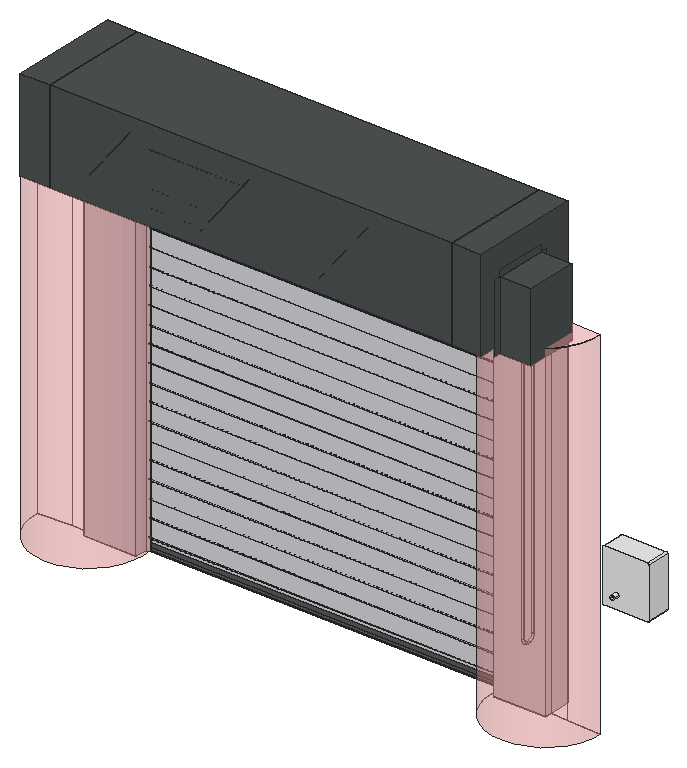
Revit family "Doors_Industrial_Wayne-Dalton_High-Speed-Metal-Doors-Model-888-ADV-Xtreme_new1", category Specialty Equipment, host Wall, Revit 2019 (continued)
Definition of nested family "Lifts"
  Definition of nested family "General Motor"
    Forms (in)
      Extrusion 7, solid, material <- "Shaft Material"
        sketch origin (0, 0, -153.29) x (0, 0, -1) y (0, -1, 0)
          loop
            line (-149.944, -0.25) -> (-156.636, -0.25) -> (-156.636, -9.069) -> (-149.944, -9.069) -> (-149.944, -0.25)
        from -1.97 to 1.97
      Extrusion 8, solid, material <- "Shaft Material"
        sketch origin (6.36891, 0, -153.29) x (0, 0, -1) y (0, -1, 0)
          loop
            line (-133.979, -10.6) -> (-133.979, -5.4) -> (-136.125, -5.4)
            arc (-136.125, -5.4) -> (-138.725, -8) -> (-136.125, -10.6) r 2.6
            line (-136.125, -10.6) -> (-133.979, -10.6)
        from 2.565 to 3.79891
      Extrusion 9, solid, material <- "Shaft Material"
        sketch origin (0, 0, -153.29) x (0, 0, -1) y (0, -1, 0)
          loop
            circle (-136.09491, -8.066) r 1.34
        from -2.57 to 2.565
      Sweep 10, solid, material <- "Shaft Material"
        path origin (6.36891, 0, -153.29) x (0, 0, -1) y (0, -1, 0)
          loop
            line (-133.979, -10.4375) -> (-62.909, -10.4375)
            arc (-62.909, -10.4375) -> (-60.4715, -8) -> (-62.909, -5.5625) r 2.4375
            line (-62.909, -5.5625) -> (-133.979, -5.5625)
        profile origin (6.36891, 10.4375, -54.846) x (-1, 0, 0) y (0, -1, 0)
          loop
            circle (3.18196, 0.2675) r 0.2675
      Extrusion 11, solid, material <- "Hood Material", visible <- "Motor Cover"
        sketch origin (5.729, 1.755, 48) x (0, -1, 0) y (0, 0, 1)
          loop
            line (-14.945, -42.199) -> (-14.945, -65.199) -> (2.255, -65.199) -> (2.255, -42.199) -> (-14.945, -42.199)
        from 10.34 to 0
      Extrusion 12, void
        sketch origin (5.729, 1.755, 48) x (0, -1, 0) y (0, 0, 1)
          loop
            line (-2.645, -65.432) -> (-2.645, -44.63) -> (-9.977, -44.63) -> (-9.977, -65.432) -> (-2.645, -65.432)
        from 1.92509 to 8.35492
      Extrusion 13, solid, material <- "Hood Material", visible <- "Motor Cover"
        sketch origin (5.729, 1.755, 48) x (0, -1, 0) y (0, 0, 1)
          loop
            line (2.255, -42.199) -> (2.255, -40.199) -> (-14.945, -40.199) -> (-14.945, -42.199) -> (-16.945, -42.199) -> (-16.945, -65.199) -> (4.255, -65.199) -> (4.255, -42.199) -> (2.255, -42.199)
        from 0 to 0.06
    Cuts and joins
      Extrusion 4 cuts Extrusion 3
      Extrusion 6 cuts Extrusion 5
      Extrusion 12 cuts Extrusion 11
      joined: Extrusion 11, Extrusion 13
    Lines and regions (in)
      Masking region 1, visible <- "Motor Cover Off"
        outline origin (0, 0, 0) x (1, 0, 0) y (0, 1, 0)
          loop
            line (-2.5, 13.875) -> (-2.5, 9.406) -> (-2.565, 9.406) -> (-2.565, 6.726) -> (-2.22576, 6.726)
            arc (-2.22576, 6.726) -> (-2.10532, 6.54376) -> (-1.97, 6.37228) r 2.598
            line (-1.97, 6.37228) -> (-1.97, 4.90043) -> (-2.5, 4.90043) -> (-2.5, 1.18157) -> (-1.97, 1.18157) -> (-1.97, 0.25881) -> (1.97, 0.25881) -> (1.97, 1.18157) -> (2.5, 1.18157) -> (2.5, 4.90043) -> (1.97, 4.90043) -> (1.97, 6.37228)
            arc (1.97, 6.37228) -> (2.10532, 6.54376) -> (2.22576, 6.726) r 2.598
            line (2.22576, 6.726) -> (2.565, 6.726) -> (2.565, 5.4) -> (3.79891, 5.4) -> (3.79891, 10.6) -> (2.565, 10.6) -> (2.565, 9.406) -> (2.5, 9.406) -> (2.5, 13.875) -> (-2.5, 13.875)
          loop
            line (5.479, 3.496) -> (5.479, 1.82199) -> (4.57141, 0.25) -> (-1.14825, 0.25) -> (-1.14825, 0) -> (4.71575, 0) -> (5.729, 1.755) -> (5.729, 3.496) -> (5.479, 3.496)
      Masking region 2, visible <- "Motor Cover Off"
        outline origin (0, 0, 0) x (1, 0, 0) y (0, 1, 0)
          loop
            circle (0, 8.066) r 2.598
          loop
            line (-2.5, 4.90043) -> (-2.5, 4.51043) -> (-1.97, 4.51043) -> (-1.97, 4.90043) -> (-2.5, 4.90043)
          loop
            line (-2.5, 1.57157) -> (-2.5, 1.18157) -> (-1.97, 1.18157) -> (-1.97, 1.57157) -> (-2.5, 1.57157)
          loop
            line (1.97, 1.57157) -> (1.97, 1.18157) -> (2.5, 1.18157) -> (2.5, 1.57157) -> (1.97, 1.57157)
          loop
            line (1.97, 4.90043) -> (1.97, 4.51043) -> (2.5, 4.51043) -> (2.5, 4.90043) -> (1.97, 4.90043)
      Masking region 3, visible <- "Motor Cover"
        outline origin (0, 0, 0) x (1, 0, 0) y (0, 1, 0)
          loop
            line (5.729, 18.7) -> (5.669, 18.7) -> (5.669, 16.7) -> (-4.611, 16.7) -> (-4.611, -0.5) -> (5.669, -0.5) -> (5.669, -2.5) -> (5.729, -2.5) -> (5.729, 18.7)
      symbolic lines, visible <- "Motor Cover Off"
        curve 1: line (-1.97, 6.37228, 0) -> (-1.97, 0.626, 0)
        curve 2: line (1.97, 6.37228, 0) -> (1.97, 0.626, 0)
        curve 3: line (2.5, 13.875, 0) -> (2.5, 8.77283, 0)
        curve 4: line (2.57, 7.6856, 0) -> (2.57, 5.4, 0)
        curve 5: line (2.565, 9.406, 0) -> (2.565, 8.47877, 0)
        curve 6: line (-2.5, 9.406, 0) -> (-2.5, 8.77283, 0)
      symbolic lines, visible <- "Motor Cover"
        curve 7: line (5.669, -2.5, 0) -> (5.669, 18.7, 0)
    Dimensions and locks (in)
      locked: plane 4 to plane 5 at 23.881
      locked: Extrusion 7 sketch curve to Extrusion 7 sketch curve at 8.819
      locked: Extrusion 8 sketch curve to plane 6 at 2.146
      locked: level to plane 7 at 19.311
      locked: plane 3 "Center (Left/Right)" to plane 9 at 5.729
      equal spacing: Extrusion 11 sketch curve, plane 10, Extrusion 11 sketch curve
      locked: Extrusion 11 sketch curve to Extrusion 11 sketch curve at 17.2
      locked: Extrusion 11 sketch curve to plane 1 "Center (Front/Back)" at 0.5
      locked: plane 1 "Center (Front/Back)" to Extrusion 12 sketch curve at 4.4
      locked: plane 1 "Center (Front/Back)" to Extrusion 12 sketch curve at 11.732
      locked: Extrusion 12 sketch curve to level at 3.37
      locked: level to Extrusion 12 sketch curve at 17.432
      locked: Extrusion 13 sketch curve to level at 7.801
      locked: Extrusion 13 sketch curve to plane 1 "Center (Front/Back)" at 2.5
      locked: plane 1 "Center (Front/Back)" to Extrusion 13 sketch curve at 18.7
      locked: Extrusion 13 sketch curve to level at 5.801
      locked: level to Extrusion 13 sketch curve at 17.199
      locked: Extrusion 11 sketch curve to Extrusion 11 sketch curve at 23
      locked: plane 8 to plane 11 at 30
      "Floor to CL Shaft": level to plane 11
      aligned and locked: plane 2 to level
      aligned and locked: Revolve 1 sketch curve to plane 4
      aligned and locked: plane 5 to Revolve 1 sketch curve
      aligned and locked: plane 4 to Revolve 1 sketch curve
      aligned and locked: Revolve 1 sketch curve to Revolve 1 sketch curve
      aligned and locked: plane 7 to Sweep 10 sketch curve  (x2)
      aligned and locked: plane 8 to Sweep 10 sketch curve  (x2)
      aligned and locked: Extrusion 11 to plane 9
      aligned and locked: Extrusion 13 sketch curve to Extrusion 13 sketch curve
      aligned and locked: cut or joined group of Extrusion 11, Extrusion 12, Extrusion 13 to Extrusion 13 sketch curve
      aligned and locked: Extrusion 13 sketch curve to cut or joined group of Extrusion 11, Extrusion 12, Extrusion 13
    Automatic sketch dimensions
      Revolve 1 sketch curve to plane 5 = 0' - 0"
      Revolve 1 sketch curve to plane 4 = 0' - 1.965"
      Revolve 1 sketch curve to level = 0' - 4.941"
      Revolve 1 sketch curve to Revolve 1 sketch curve = 0' - 0.256"
      Revolve 1 sketch curve to Revolve 1 sketch curve = 0' - 1.142"
      Revolve 1 sketch curve to Revolve 1 sketch curve = 0' - 4.843"
      Revolve 1 sketch curve to Revolve 1 sketch curve = 0' - 1.339"
      Revolve 1 sketch curve to Revolve 1 sketch curve = 0' - 2.48"
      plane 5 to Revolve 1 sketch curve = 0' - 1.347"
      Revolve 1 sketch curve to plane 1 "Center (Front/Back)" = 0' - 8.066"
      Revolve 1 sketch curve to Revolve 1 sketch curve = 0' - 1.07288"
      Revolve 1 sketch curve to Revolve 1 sketch curve = 0' - 0.62812"
      Revolve 1 sketch curve to Revolve 1 sketch curve = 0' - 0.651"
      Revolve 1 sketch curve to plane 1 "Center (Front/Back)" = 0' - 5.704"
      Revolve 1 sketch curve to Revolve 1 sketch curve = 0' - 0.128"
      Revolve 1 sketch curve to Revolve 1 sketch curve = 0' - 0.067"
      Revolve 1 sketch curve to Revolve 1 sketch curve = 0' - 2.598"
      Extrusion 2 sketch curve to level = 0' - 6.339"
      Extrusion 2 sketch curve to Extrusion 2 sketch curve = 0' - 4.843"
      Extrusion 2 sketch curve to plane 1 "Center (Front/Back)" = 1' - 1 7/8"
      Extrusion 2 sketch curve to Extrusion 2 sketch curve = 0' - 6"
      plane 1 "Center (Front/Back)" to Extrusion 3 sketch curve = 0' - 0"
      Extrusion 3 sketch curve to plane 1 "Center (Front/Back)" = 0' - 1.755"
      plane 3 "Center (Left/Right)" to Extrusion 3 sketch curve = 0' - 5.729"
      Extrusion 3 sketch curve to Extrusion 3 sketch curve = 0' - 0 1/4"  (x2)
      Extrusion 3 sketch curve to Extrusion 3 sketch curve = 0' - 0.76325"
      Extrusion 3 sketch curve to Extrusion 3 sketch curve = 0' - 0.14434"
      Extrusion 3 sketch curve to plane 3 "Center (Left/Right)" = 0' - 1.14825"
      Extrusion 3 sketch curve to Extrusion 3 sketch curve = 0' - 0.06699"
      Extrusion 3 sketch curve to Extrusion 3 sketch curve = 0' - 1.67401"
      Extrusion 4 sketch curve to plane 3 "Center (Left/Right)" = 0' - 3.771"
      Extrusion 4 sketch curve to plane 3 "Center (Left/Right)" = 0' - 1.14825"  (x2)
      plane 3 "Center (Left/Right)" to Extrusion 4 sketch curve = 0' - 0.58575"
      Extrusion 4 sketch curve to Extrusion 4 sketch curve = 0' - 1.95325"  (x2)
      Extrusion 4 sketch curve to Extrusion 4 sketch curve = 0' - 3.19"  (x2)
      Extrusion 4 sketch curve to level = 0' - 5.9755"
      Extrusion 4 sketch curve to Extrusion 4 sketch curve = 0' - 1.4155"
      Extrusion 4 sketch curve to Extrusion 4 sketch curve = 0' - 2 1/4"  (x2)
      Extrusion 4 sketch curve to Extrusion 4 sketch curve = 0' - 1 1/4"  (x2)
      level to Extrusion 4 sketch curve = 0' - 3.31"
      level to Extrusion 4 sketch curve = 0' - 3.7255"
      Extrusion 5 sketch curve to level = 0' - 3.17729"
      Extrusion 5 sketch curve to Extrusion 5 sketch curve = 0' - 1.27271"  (x2)
      Extrusion 5 sketch curve to plane 1 "Center (Front/Back)" = 0' - 1.18157"
      Extrusion 5 sketch curve to Extrusion 5 sketch curve = 0' - 0.325"  (x2)
      Extrusion 5 sketch curve to plane 1 "Center (Front/Back)" = 0' - 1.441"
      Extrusion 5 sketch curve to Extrusion 5 sketch curve = 0' - 4.99"
      Extrusion 5 sketch curve to Extrusion 5 sketch curve = 0' - 0.39"  (x2)
      Extrusion 5 sketch curve to Extrusion 5 sketch curve = 0' - 2.93885"
      Extrusion 5 sketch curve to Extrusion 5 sketch curve = 0' - 3.2"
      Extrusion 6 sketch curve to plane 3 "Center (Left/Right)" = 0' - 4 1/2"
      Extrusion 6 sketch curve to Extrusion 6 sketch curve = 0' - 2"
      Extrusion 6 sketch curve to plane 3 "Center (Left/Right)" = 0' - 2.06343"
      plane 3 "Center (Left/Right)" to Extrusion 6 sketch curve = 0' - 2.06343"
      plane 3 "Center (Left/Right)" to Extrusion 6 sketch curve = 0' - 2 1/2"
      Extrusion 6 sketch curve to Extrusion 6 sketch curve = 0' - 2.43657"
      Extrusion 6 sketch curve to level = 0' - 10.775"
      Extrusion 6 sketch curve to Extrusion 6 sketch curve = 0' - 1.01"
      Extrusion 6 sketch curve to level = 0' - 4.775"  (x2)
      Extrusion 7 sketch curve to plane 1 "Center (Front/Back)" = 0' - 0 1/4"
      level to Extrusion 7 sketch curve = 0' - 3.346"
      Extrusion 7 sketch curve to level = 0' - 3.346"
      Extrusion 8 sketch curve to plane 6 = 0' - 0"
      Extrusion 8 sketch curve to plane 1 "Center (Front/Back)" = 0' - 10.6"
      Extrusion 8 sketch curve to Extrusion 8 sketch curve = 0' - 2.6"
      Extrusion 9 sketch curve to plane 1 "Center (Front/Back)" = 0' - 8.066"
      Extrusion 9 sketch curve to level = 1' - 5.19509"
      Sweep 10 sketch curve to profile plane = 0' - 0.2675"
      profile plane to Sweep 10 sketch curve = 0' - 3.18196"
      Masking region 2 sketch curve to plane 3 "Center (Left/Right)" = 0' - 0"
      Masking region 2 sketch curve to plane 3 "Center (Left/Right)" = 0' - 1.97"  (x2)
      Masking region 2 sketch curve to Masking region 2 sketch curve = 0' - 0.53"  (x4)
      plane 3 "Center (Left/Right)" to Masking region 2 sketch curve = 0' - 1.97"  (x2)
      Masking region 2 sketch curve to plane 1 "Center (Front/Back)" = 0' - 1.18157"  (x2)
      Masking region 2 sketch curve to Masking region 2 sketch curve = 0' - 0.39"  (x4)
      Masking region 2 sketch curve to Masking region 2 sketch curve = 0' - 2.93885"  (x2)
      Masking region 2 sketch curve to Masking region 2 sketch curve = 0' - 3.16557"
      Masking region 1 sketch curve to Masking region 1 sketch curve = 0' - 0"  (x2)
      plane 1 "Center (Front/Back)" to Masking region 1 sketch curve = 0' - 0"
      Masking region 1 sketch curve to plane 3 "Center (Left/Right)" = 0' - 0"
      Masking region 1 sketch curve to plane 1 "Center (Front/Back)" = 0' - 0 1/4"
      Masking region 1 sketch curve to plane 3 "Center (Left/Right)" = 0' - 1.14825"
      Masking region 1 sketch curve to plane 3 "Center (Left/Right)" = 0' - 1.97"
      Masking region 1 sketch curve to Masking region 1 sketch curve = 0' - 0.82175"
      Masking region 1 sketch curve to Masking region 1 sketch curve = 0' - 0.25576"  (x2)
      Masking region 1 sketch curve to Masking region 1 sketch curve = 0' - 0.53"  (x2)
      Masking region 1 sketch curve to plane 3 "Center (Left/Right)" = 0' - 2 1/2"
      plane 3 "Center (Left/Right)" to Masking region 1 sketch curve = 0' - 1.97"  (x2)
      plane 3 "Center (Left/Right)" to Masking region 1 sketch curve = 0' - 2 1/2"
      Masking region 1 sketch curve to Masking region 1 sketch curve = 0' - 0.33924"  (x2)
      Masking region 1 sketch curve to Masking region 1 sketch curve = 0' - 0.065"
      Masking region 1 sketch curve to Masking region 1 sketch curve = 0' - 1.23391"
      Masking region 1 sketch curve to Masking region 1 sketch curve = 0' - 2.07141"
      Masking region 1 sketch curve to Masking region 1 sketch curve = 0' - 0.14434"
      Masking region 1 sketch curve to Masking region 1 sketch curve = 0' - 1.68009"
      Masking region 1 sketch curve to Masking region 1 sketch curve = 0' - 0 1/4"
      Masking region 1 sketch curve to plane 1 "Center (Front/Back)" = 0' - 0.25881"
      Masking region 1 sketch curve to Masking region 1 sketch curve = 0' - 0.92276"  (x2)
      Masking region 1 sketch curve to plane 1 "Center (Front/Back)" = 0' - 1.755"
      Masking region 1 sketch curve to Masking region 1 sketch curve = 0' - 0.06699"
      Masking region 1 sketch curve to Masking region 1 sketch curve = 0' - 1.67401"
      Masking region 1 sketch curve to Masking region 1 sketch curve = 0' - 3.71885"  (x2)
      Masking region 1 sketch curve to Masking region 1 sketch curve = 0' - 0.49957"
      Masking region 1 sketch curve to Masking region 1 sketch curve = 0' - 0.97228"
      Masking region 1 sketch curve to Masking region 1 sketch curve = 0' - 1.47185"
      Masking region 1 sketch curve to Masking region 1 sketch curve = 0' - 0.35372"
      Masking region 1 sketch curve to Masking region 1 sketch curve = 0' - 2.68"  (x2)
      Masking region 1 sketch curve to Masking region 1 sketch curve = 0' - 1.194"
      Masking region 1 sketch curve to Masking region 1 sketch curve = 0' - 4.469"
      Masking region 3 sketch curve to plane 9 = 0' - 0"
      plane 9 to Masking region 3 sketch curve = 0' - 0.06"  (x2)
      Masking region 3 sketch curve to plane 3 "Center (Left/Right)" = 0' - 4.611"
      plane 1 "Center (Front/Back)" to Masking region 3 sketch curve = 0' - 2 1/2"
      plane 1 "Center (Front/Back)" to Masking region 3 sketch curve = 0' - 0 1/2"
      Masking region 3 sketch curve to plane 1 "Center (Front/Back)" = 1' - 4.7"
      Masking region 3 sketch curve to Masking region 3 sketch curve = 0' - 2"
      curve 6 to plane 3 "Center (Left/Right)" = 0' - 2 1/2"
      plane 9 to curve 7 = 0' - 0.06"
      plane 1 "Center (Front/Back)" to curve 7 = 0' - 2 1/2"
      curve 1 to plane 1 "Center (Front/Back)" = 0' - 0.626"
      curve 1 to plane 3 "Center (Left/Right)" = 0' - 1.97"
      curve 2 to plane 1 "Center (Front/Back)" = 0' - 0.626"
      plane 3 "Center (Left/Right)" to curve 2 = 0' - 1.97"
      curve 2 to curve 3 = 0' - 0.53"
      curve 3 to curve 5 = 0' - 0.065"
      curve 5 to curve 4 = 0' - 0.005"
      curve 2 to curve 4 = 0' - 4.774"
      curve 4 to curve 2 = 0' - 0.97228"
      curve 1 to curve 2 = 0' - 0"
      curve 2 to curve 4 = 0' - 1.31333"
      curve 4 to curve 5 = 0' - 0.79317"
      curve 1 to curve 6 = 0' - 2.40055"
      curve 5 to curve 3 = 0' - 0.29406"
      curve 6 to curve 6 = 0' - 0.63317"
      curve 3 to curve 5 = 0' - 0.63317"
      curve 5 to curve 3 = 0' - 4.469"
      curve 3 to curve 7 = 0' - 4.825"
      Sweep 10 sketch curve to plane 1 "Center (Front/Back)" = 0' - 10 7/16"
      Sweep 10 sketch curve to Sweep 10 sketch curve = 0' - 2 7/16"
      radius of Extrusion 9 sketch curve = 0' - 1.34"
      radius of Sweep 10 sketch curve = 0' - 0.2675"
      radius of Masking region 2 sketch curve = 0' - 2.598"
Definition of nested family "Slat"
  Parameters (values of type "Slat")
    Standard Slat Material = none
    Standard Slat Bottom Rail [instance] = if(and(Bottom Rail, Standard Slat), 1 < 2, 1 > 2)  # no
    Standard Slat [instance] = if(or(Slat Option < 1, Slat Option = 1), 1 < 2, 1 > 2)  # yes
    Slat Thickness = 0' - 1.18227"
    Slat Option [instance] = 1
    Slat Height = 0' - 5 13/16"
    Polycarbonated Slat Material = none
    Polycarbonate Slat Bottom Rail [instance] = if(and(Bottom Rail, Polycarbonate Slat), 1 < 2, 1 > 2)  # no
    Polycarbonate Slat [instance] = if(or(Slat Option > 3, Slat Option = 3), 1 < 2, 1 > 2)  # no
    Perforated Slat Material = none
    Perforated Slat Length = (Door Width / 40) * 37  # 9' - 3"
    Perforated Slat Bottom Rail [instance] = if(and(Bottom Rail, Perforated Slat), 1 < 2, 1 > 2)  # no
    Perforated Slat [instance] = if(Slat Option = 2, 1 < 2, 1 > 2)  # no
    Door Width = 10' - 0"
    Default Elevation = 4' - 0"
    Bottom Rail [instance] = no
  Reference planes (in)
    plane 1 "Center (Front/Back)": y = 0
    plane 2: z = 0
    plane 3 "Center (Left/Right)": x = 0
    plane 4: x = -60
    plane 5: x = 60
    plane 6: z = 5.8125
    plane 7: y = -0.59114
    plane 8: y = 0.59114
    plane 9: y = -0.32455
    plane 10: y = -0.32455
    plane 11: y = -0.32455
  Forms (in)
    Extrusion 1, solid, material <- "Standard Slat Material", visible <- "Standard Slat"
      sketch origin (0, 0, 0) x (0, 1, 0) y (0, 0, 1)
        loop
          line (0.02508, 0) -> (0.59114, 0) -> (0.59114, 5.8125) -> (0.02508, 5.8125) -> (-0.59114, 5.19629) -> (-0.59114, 0.61621) -> (0.02508, 0)
      from -60 to 60
    Extrusion 2, solid, material <- "Standard Slat Material", visible <- "Standard Slat"
      sketch origin (0, 0, 0) x (0, 1, 0) y (0, 0, 1)
        loop
          line (-0.67418, 5.8125) -> (-0.67418, 0)
          arc (-0.67418, 0) -> (-0.32455, -0.34963) -> (0.02508, 0) r 0.34963
          line (0.02508, 0) -> (-0.59114, 0.61621) -> (-0.59114, 5.19629) -> (0.02508, 5.8125)
          arc (0.02508, 5.8125) -> (-0.32455, 6.16213) -> (-0.67418, 5.8125) r 0.34963
      from -60 to 60
    Extrusion 3, solid, material <- "Standard Slat Material", visible <- "Perforated Slat"
      sketch origin (0, 0, 0) x (0, 1, 0) y (0, 0, 1)
        loop
          line (0.02508, 0) -> (0.59114, 0) -> (0.59114, 5.8125) -> (0.02508, 5.8125) -> (-0.59114, 5.19629) -> (-0.59114, 0.61621) -> (0.02508, 0)
      from -60 to 60
    Extrusion 4, solid, material <- "Standard Slat Material", visible <- "Perforated Slat"
      sketch origin (0, 0, 0) x (0, 1, 0) y (0, 0, 1)
        loop
          line (-0.67418, 5.8125) -> (-0.67418, 0)
          arc (-0.67418, 0) -> (-0.32455, -0.34963) -> (0.02508, 0) r 0.34963
          line (0.02508, 0) -> (-0.59114, 0.61621) -> (-0.59114, 5.19629) -> (0.02508, 5.8125)
          arc (0.02508, 5.8125) -> (-0.32455, 6.16213) -> (-0.67418, 5.8125) r 0.34963
      from -60 to 60
    Extrusion 5, solid, material <- "Standard Slat Material", visible <- "Polycarbonate Slat"
      sketch origin (0, 0, 0) x (0, 1, 0) y (0, 0, 1)
        loop
          line (0.02508, 0) -> (0.59114, 0) -> (0.59114, 5.8125) -> (0.02508, 5.8125) -> (-0.59114, 5.19629) -> (-0.59114, 0.61621) -> (0.02508, 0)
      from -60 to 60
    Extrusion 6, solid, material <- "Standard Slat Material", visible <- "Polycarbonate Slat"
      sketch origin (0, 0, 0) x (0, 1, 0) y (0, 0, 1)
        loop
          line (-0.67418, 5.8125) -> (-0.67418, 0)
          arc (-0.67418, 0) -> (-0.32455, -0.34963) -> (0.02508, 0) r 0.34963
          line (0.02508, 0) -> (-0.59114, 0.61621) -> (-0.59114, 5.19629) -> (0.02508, 5.8125)
          arc (0.02508, 5.8125) -> (-0.32455, 6.16213) -> (-0.67418, 5.8125) r 0.34963
      from -60 to 60
    Extrusion 7, solid, material <- "Standard Slat Material", visible <- "Standard Slat Bottom Rail"
      sketch origin (0, 0, 0) x (0, 1, 0) y (0, 0, 1)
        loop
          line (-0.59114, -0.22622) -> (-0.59114, -1.0625) -> (0.59114, -1.0625) -> (0.59114, 0) -> (0.02508, 0)
          arc (0.02508, 0) -> (-0.20406, -0.32821) -> (-0.59114, -0.22622) r 0.34963
      from -60 to 60
    Extrusion 8, solid, material <- "Perforated Slat Material", visible <- "Perforated Slat Bottom Rail"
      sketch origin (0, 0, 0) x (0, 1, 0) y (0, 0, 1)
        loop
          line (-0.59114, -0.22622) -> (-0.59114, -1.0625) -> (0.59114, -1.0625) -> (0.59114, 0) -> (0.02508, 0)
          arc (0.02508, 0) -> (-0.20406, -0.32821) -> (-0.59114, -0.22622) r 0.34963
      from -60 to 60
    Extrusion 9, solid, material <- "Polycarbonated Slat Material", visible <- "Polycarbonate Slat Bottom Rail"
      sketch origin (0, 0, 0) x (0, 1, 0) y (0, 0, 1)
        loop
          line (-0.59114, -0.22622) -> (-0.59114, -1.0625) -> (0.59114, -1.0625) -> (0.59114, 0) -> (0.02508, 0)
          arc (0.02508, 0) -> (-0.20406, -0.32821) -> (-0.59114, -0.22622) r 0.34963
      from -60 to 60
    Extrusion 10, void
      sketch origin (0, 0, 0) x (1, 0, 0) y (0, 0, 1)
        loop
          line (-55.5, 5.19629) -> (-55.5, 0.61621) -> (55.5, 0.61621) -> (55.5, 5.19629) -> (-55.5, 5.19629)
      from -3.39847 to 3.48063
    Extrusion 11, solid, material <- "Perforated Slat Material", visible <- "Perforated Slat"
      sketch origin (0, 0, 0) x (1, 0, 0) y (0, 0, 1)
        loop
          line (-55.5, 5.19629) -> (-55.5, 0.61621) -> (55.5, 0.61621) -> (55.5, 5.19629) -> (-55.5, 5.19629)
      from -0.59114 to 0.67418
    Extrusion 12, void
      sketch origin (0, 0, 0) x (1, 0, 0) y (0, 0, 1)
        loop
          line (-59, 0.61621) -> (59, 0.61621) -> (59, 5.19629) -> (-59, 5.19629) -> (-59, 0.61621)
      from -9.08759 to 12
    Extrusion 13, solid, material <- "Polycarbonated Slat Material", visible <- "Polycarbonate Slat"
      sketch origin (0, 0, 0) x (1, 0, 0) y (0, 0, 1)
        loop
          line (-59, 5.19629) -> (-59, 0.61621) -> (59, 0.61621) -> (59, 5.19629) -> (-59, 5.19629)
      from -0.59114 to 0.67418
  Cuts and joins
    Extrusion 10 cuts Extrusion 4
    Extrusion 10 cuts Extrusion 3
    Extrusion 12 cuts Extrusion 6
    Extrusion 12 cuts Extrusion 5
  Lines and regions (in)
    model lines
      curve 1: line (-60, -0.67418, 5.8125) -> (60, -0.67418, 5.8125)
  Dimensions and locks (in)
    equal spacing: plane 4, plane 3 "Center (Left/Right)", plane 5
    "Door Width": plane 4 to plane 5
    "Slat Height": plane 6 to level
    equal spacing: plane 7, plane 1 "Center (Front/Back)", plane 8
    "Slat Thickness": plane 7 to plane 8
    locked: Extrusion 1 sketch curve to Extrusion 1 sketch curve at 0.56606
    locked: plane 9 to plane 8 at 0.91569
    locked: Extrusion 3 sketch curve to Extrusion 3 sketch curve at 0.56606
    locked: Extrusion 5 sketch curve to Extrusion 5 sketch curve at 0.56606
    locked: level to Extrusion 7 sketch curve at 1.0625
    "Perforated Slat Length": Extrusion 10 sketch curve to Extrusion 10 sketch curve
    equal spacing: Extrusion 10 sketch curve, plane 3 "Center (Left/Right)", Extrusion 10 sketch curve
    equal spacing: Extrusion 11 sketch curve, plane 3 "Center (Left/Right)", Extrusion 11 sketch curve
    "Perforated Slat Length": Extrusion 11 sketch curve to Extrusion 11 sketch curve
    locked: plane 5 to Extrusion 12 sketch curve at 1
    locked: plane 4 to Extrusion 12 sketch curve at 1
    locked: plane 5 to Extrusion 13 sketch curve at 1
    locked: plane 4 to Extrusion 13 sketch curve at 1
    locked: Extrusion 1 sketch curve to Extrusion 1 sketch curve (angle 135.00°)
    locked: Extrusion 1 sketch curve to plane 6 (angle 135.00°)
    locked: Extrusion 3 sketch curve to Extrusion 3 sketch curve (angle 135.00°)
    locked: Extrusion 5 sketch curve to Extrusion 5 sketch curve (angle 135.00°)
    aligned and locked: plane 2 to level
    aligned and locked: Extrusion 1 sketch curve to level
    aligned and locked: Extrusion 1 sketch curve to plane 8
    aligned and locked: Extrusion 1 sketch curve to plane 6
    aligned and locked: Extrusion 1 sketch curve to plane 7
    aligned and locked: plane 5 to Extrusion 1
    aligned and locked: plane 4 to Extrusion 1
    aligned and locked: plane 5 to Extrusion 2
    aligned and locked: plane 4 to Extrusion 2
    aligned and locked: plane 5 to curve 1
    aligned and locked: plane 4 to curve 1
    aligned and locked: plane 5 to Extrusion 6
    aligned and locked: plane 5 to Extrusion 5
    aligned and locked: plane 5 to Extrusion 4
    aligned and locked: plane 5 to Extrusion 3
    aligned and locked: plane 4 to Extrusion 6
    aligned and locked: plane 4 to Extrusion 5
    aligned and locked: plane 4 to Extrusion 4
    aligned and locked: plane 4 to Extrusion 3
    aligned and locked: Extrusion 7 sketch curve to level
    aligned and locked: plane 5 to Extrusion 9
    aligned and locked: plane 5 to Extrusion 8
    aligned and locked: plane 5 to Extrusion 7
    aligned and locked: plane 4 to Extrusion 9
    aligned and locked: plane 4 to Extrusion 8
    aligned and locked: plane 4 to Extrusion 7
  Automatic sketch dimensions
    Extrusion 1 sketch curve to plane 1 "Center (Front/Back)" = 0' - 0.02508"
    Extrusion 2 sketch curve to plane 6 = 0' - 0"
    Extrusion 2 sketch curve to level = 0' - 0"
    Extrusion 2 sketch curve to plane 7 = 0' - 0"
    Extrusion 2 sketch curve to plane 9 = 0' - 0"  (x2)
    plane 7 to Extrusion 2 sketch curve = 0' - 0.08305"
    level to Extrusion 2 sketch curve = 0' - 0.61621"
    Extrusion 2 sketch curve to plane 6 = 0' - 0.61621"
    curve 1 to Extrusion 2 = 0' - 0"
    Extrusion 3 sketch curve to plane 7 = 0' - 0"
    Extrusion 3 sketch curve to plane 6 = 0' - 0"
    Extrusion 3 sketch curve to level = 0' - 0"
    Extrusion 3 sketch curve to plane 8 = 0' - 0"
    Extrusion 3 sketch curve to plane 1 "Center (Front/Back)" = 0' - 0.02508"
    Extrusion 3 sketch curve to plane 6 = 0' - 0.61621"
    Extrusion 4 sketch curve to plane 6 = 0' - 0"
    Extrusion 4 sketch curve to level = 0' - 0"
    Extrusion 4 sketch curve to plane 7 = 0' - 0"
    Extrusion 4 sketch curve to plane 10 = 0' - 0"  (x2)
    plane 7 to Extrusion 4 sketch curve = 0' - 0.08305"
    level to Extrusion 4 sketch curve = 0' - 0.61621"
    Extrusion 4 sketch curve to plane 6 = 0' - 0.61621"
    Extrusion 5 sketch curve to plane 7 = 0' - 0"
    Extrusion 5 sketch curve to plane 6 = 0' - 0"
    Extrusion 5 sketch curve to level = 0' - 0"
    Extrusion 5 sketch curve to plane 8 = 0' - 0"
    Extrusion 5 sketch curve to plane 1 "Center (Front/Back)" = 0' - 0.02508"
    Extrusion 5 sketch curve to plane 6 = 0' - 0.61621"
    Extrusion 6 sketch curve to plane 6 = 0' - 0"
    Extrusion 6 sketch curve to level = 0' - 0"
    Extrusion 6 sketch curve to plane 7 = 0' - 0"
    Extrusion 6 sketch curve to plane 11 = 0' - 0"  (x2)
    plane 7 to Extrusion 6 sketch curve = 0' - 0.08305"
    level to Extrusion 6 sketch curve = 0' - 0.61621"
    Extrusion 6 sketch curve to plane 6 = 0' - 0.61621"
    Extrusion 7 sketch curve to plane 7 = 0' - 0"
    Extrusion 7 sketch curve to plane 8 = 0' - 0"
    plane 1 "Center (Front/Back)" to Extrusion 7 sketch curve = 0' - 0.32455"
    Extrusion 7 sketch curve to plane 1 "Center (Front/Back)" = 0' - 0.02508"
    Extrusion 8 sketch curve to plane 7 = 0' - 0"
    Extrusion 8 sketch curve to level = 0' - 0"
    Extrusion 8 sketch curve to plane 8 = 0' - 0"
    plane 1 "Center (Front/Back)" to Extrusion 8 sketch curve = 0' - 0.32455"
    Extrusion 8 sketch curve to plane 1 "Center (Front/Back)" = 0' - 0.02508"
    Extrusion 8 sketch curve to level = 0' - 1 1/16"
    Extrusion 9 sketch curve to level = 0' - 0"
    Extrusion 9 sketch curve to level = 0' - 0.22622"
    plane 8 to Extrusion 9 sketch curve = 0' - 1.18227"
    Extrusion 9 sketch curve to Extrusion 9 sketch curve = 0' - 0.26658"
    Extrusion 9 sketch curve to Extrusion 9 sketch curve = 0' - 1.18227"
    Extrusion 9 sketch curve to level = 0' - 1 1/16"
    level to Extrusion 12 sketch curve = 0' - 0.61621"
    Extrusion 12 sketch curve to plane 6 = 0' - 0.61621"
    Extrusion 13 sketch curve to plane 6 = 0' - 0.61621"
    level to Extrusion 13 sketch curve = 0' - 0.61621"
    level to Extrusion 10 sketch curve = 0' - 0.61621"
    Extrusion 10 sketch curve to plane 6 = 0' - 0.61621"
    level to Extrusion 11 sketch curve = 0' - 0.61621"
    Extrusion 11 sketch curve to plane 6 = 0' - 0.61621"
Types (3): name | External Transformer | Voltage | Apparent Load Phase 3 | Apparent Load Phase 2 | Apparent Load Phase 1
  230 volts, three phase, 60 Hz (208-245V range) | no | 230 V | 2655.81 VA | 2655.81 VA | 2655.81 VA
  460 volts, three phase, 60 Hz (456-495V range) | no | 460 V | 5311.62 VA | 5311.62 VA | 5311.62 VA
  575 volts, three phase, 60 Hz | yes | 575 V | 6639.53 VA | 6639.53 VA | 6639.53 VA
